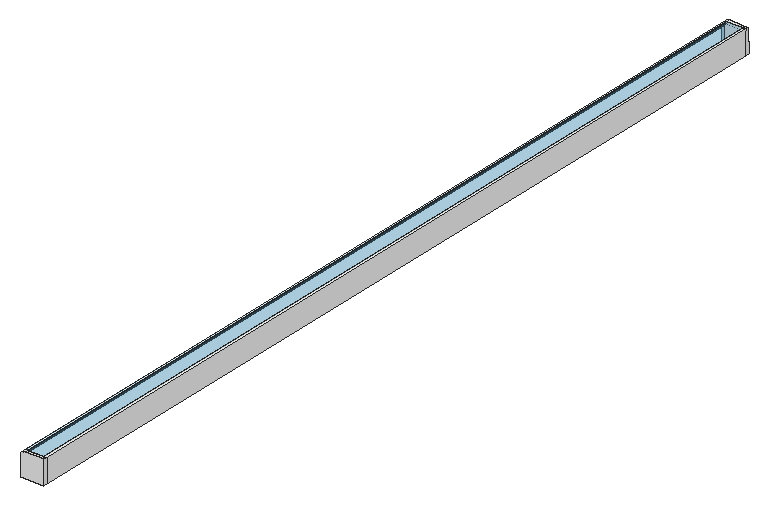
Revit family "A8-ZYPO-CRQ", category Lighting Fixtures, Revit 2017
Family settings
  Round Connector Dimension = Use Diameter
  Part Type = Normal
  OmniClass Number = 23.80.70.00
  OmniClass Title = Lighting
  Work Plane-Based = Yes
  Always vertical = Yes
  Cut with Voids When Loaded = No
  Light Source = Yes
  Shared = No
  Room Calculation Point = No
Parameters (values of type "A8-ZYPO-CRQ")
  Wattage = 9.2903 W
  built-in parameter 1150110 = 1 (stored number, unit not read)
  built-in parameter 1114217 = 1 (stored number, unit not read)
  Tilt Angle = 60.00°
  built-in parameter 1150109 = 1 (stored number, unit not read)
  built-in parameter 1150134 = 3
  built-in parameter 1150113 = 1 (stored number, unit not read)
  Photometric Web File = "generic"
  built-in parameter 1150142 = (empty or 0)
  built-in parameter 1150105 = 109.82 (stored number, unit not read)
  Lumens = 1380 lm
  built-in parameter 1150115 = 1 (stored number, unit not read)
  built-in parameter 1150137 = (empty or 0)
  built-in parameter 1150139 = (empty or 0)
  Length = 24.00"
  built-in parameter 1150112 = 1 (stored number, unit not read)
  built-in parameter 1150114 = 1 (stored number, unit not read)
  built-in parameter 1150132 = (empty or 0)
  built-in parameter 1150102 = (empty or 0)
  built-in parameter 1150107 = 3200 (stored number, unit not read)
  built-in parameter 1150138 = (empty or 0)
  built-in parameter 1150106 = 1.0982 (stored number, unit not read)
  Fixture Cap = Fixture Cap
  Fixture = Fixture
  Emit from Line Length = Length  # 24.00"
  built-in parameter 1150104 = 13.8 (stored number, unit not read)
  Dimming Lamp Color Temperature Shift = <None>
  Default Elevation = 48.00"
  Color Filter = 16777215
  built-in parameter 1114218 = 1 (stored number, unit not read)
  built-in parameter 1150133 = 10 (stored number, unit not read)
Reference planes (in)
  plane 1 "Light Source Axis (F/B)": y = 0
  plane 2: z = 0
  plane 3 "Light Source Axis (L/R)": x = 0
  plane 4 "Light Source Elevation": z = 80
  plane 5: y = 12
  plane 6: y = -12
  plane 7: y = 12.08062
  plane 8: y = -12.08063
Forms (in)
  Extrusion 1, solid, material "Fixture" <- "Fixture"
    sketch origin (-0.62383, 0, -0.07812) x (1, 0, 0) y (0, 0, 1)
      loop
        line (0.29883, 0.07812) -> (0.94883, 0.07812) -> (0.94883, 0.72925) -> (0.88495, 0.72925) -> (0.88495, 0.13414) -> (0.29883, 0.13414) -> (0.29883, 0.07812)
    from -12 to 12
  Extrusion 2, solid, material "Glass"
    sketch origin (-0.21758, 0, 0) x (1, 0, 0) y (0, 0, 1)
      loop
        line (0.4787, 0.65113) -> (0.02503, 0.65113)
        arc (0.02503, 0.65113) -> (-0.06863, 0.61233) -> (-0.10742, 0.51868) r 0.13245
        line (-0.10742, 0.51868) -> (-0.10742, 0.05601) -> (-0.04742, 0.05601) -> (-0.04742, 0.51868)
        arc (-0.04742, 0.51868) -> (-0.0262, 0.56991) -> (0.02503, 0.59113) r 0.07245
        line (0.02503, 0.59113) -> (0.4787, 0.59113) -> (0.4787, 0.65113)
    from -12 to 12
  Extrusion 3, solid, material "Fixture Cap" <- "Fixture Cap"
    sketch origin (-0.62383, 4.28688, -0.42187) x (1, 0, 0) y (0, 0, 1)
      loop
        line (0.29883, 0.42187) -> (0.94883, 0.42187) -> (0.94883, 1.073) -> (0.43128, 1.073)
        arc (0.43128, 1.073) -> (0.33762, 1.03421) -> (0.29883, 0.94055) r 0.13245
        line (0.29883, 0.94055) -> (0.29883, 0.42187)
    from 16.3675 to 16.28687
  Extrusion 4, solid, material "Fixture Cap" <- "Fixture Cap"
    sketch origin (-0.62383, -4.28688, -0.42187) x (1, 0, 0) y (0, 0, -1)
      loop
        line (0.94883, -1.073) -> (0.94883, -0.42187) -> (0.29883, -0.42187) -> (0.29883, -0.94055)
        arc (0.29883, -0.94055) -> (0.33762, -1.03421) -> (0.43128, -1.073) r 0.13245
        line (0.43128, -1.073) -> (0.94883, -1.073)
    from 16.3675 to 16.28688
Dimensions and locks (in)
  equal spacing: plane 5, plane 1 "Light Source Axis (F/B)", plane 6
  "Length": plane 5 to plane 6
  locked: plane 6 to plane 8 at 0.08063
  locked: plane 7 to plane 5 at 0.08062
  Extrusion 3 to Extrusion 3 = 0.65113"
  Extrusion 3 to Extrusion 3 = 0.65"
  aligned and locked: level to plane 2
  aligned and locked: Extrusion 1 to plane 6
  aligned and locked: plane 5 to Extrusion 1
  aligned and locked: plane 5 to Extrusion 2  (x3)
  aligned and locked: Extrusion 2 to plane 6
  aligned and locked: plane 6 to Extrusion 3  (x4)
  aligned and locked: Extrusion 3 to plane 8  (x3)
  aligned and locked: Extrusion 2 to Extrusion 3  (x2)
  aligned and locked: Extrusion 2 to plane 5
  aligned and locked: Extrusion 1 to Extrusion 2
  aligned and locked: plane 8 to Extrusion 3  (x3)
  aligned and locked: Extrusion 3 to plane 6  (x7)
  aligned and locked: Extrusion 1 to Extrusion 3
  aligned and locked: Extrusion 3 to Extrusion 1  (x10)
  aligned and locked: Extrusion 3 to Extrusion 2  (x3)
  aligned and locked: Extrusion 4 to plane 5
  aligned and locked: plane 5 to Extrusion 4  (x2)
  aligned and locked: plane 7 to Extrusion 4
  aligned and locked: Extrusion 1 to Extrusion 4
  aligned and locked: Extrusion 2 to Extrusion 4
  aligned and locked: plane 6 to Extrusion 2
  aligned and locked: Extrusion 4 to plane 7
  aligned and locked: Extrusion 4 to Extrusion 2  (x2)
Automatic sketch dimensions
  Extrusion 3 sketch curve to level = 0.00"
  Extrusion 3 sketch curve to plane 3 "Light Source Axis (L/R)" = 0.325"
  Extrusion 3 sketch curve to Extrusion 3 sketch curve = 0.13245"
  Extrusion 3 sketch curve to Extrusion 3 sketch curve = 0.65"
  level to Extrusion 3 sketch curve = 0.51868"
  Extrusion 1 sketch curve to level = 0.00"
  Extrusion 1 sketch curve to plane 3 "Light Source Axis (L/R)" = 0.325"
  plane 3 "Light Source Axis (L/R)" to Extrusion 1 sketch curve = 0.26112"
  Extrusion 1 sketch curve to Extrusion 1 sketch curve = 0.06388"
  level to Extrusion 1 sketch curve = 0.05601"
  Extrusion 1 sketch curve to Extrusion 1 sketch curve = 0.59512"
  Extrusion 2 sketch curve to Extrusion 2 sketch curve = 0.00"  (x2)
  Extrusion 2 sketch curve to plane 3 "Light Source Axis (L/R)" = 0.325"
  Extrusion 2 sketch curve to Extrusion 2 sketch curve = 0.06"
  Extrusion 2 sketch curve to plane 3 "Light Source Axis (L/R)" = 0.19255"
  Extrusion 2 sketch curve to Extrusion 2 sketch curve = 0.45367"
  level to Extrusion 2 sketch curve = 0.51868"
  level to Extrusion 2 sketch curve = 0.05601"
  plane 3 "Light Source Axis (L/R)" to Extrusion 4 sketch curve = 0.325"
  level to Extrusion 4 sketch curve = 0.65113"
  Extrusion 4 sketch curve to plane 3 "Light Source Axis (L/R)" = 0.19255"
  Extrusion 4 sketch curve to plane 3 "Light Source Axis (L/R)" = 0.325"
  Extrusion 4 sketch curve to level = 0.00"
